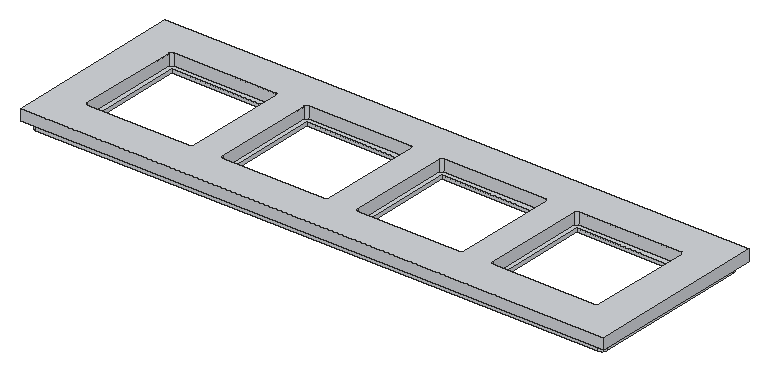
Revit family "Gira_0214223", category Electrical Fixtures, host Face, Revit 2017
Family settings
  Host = Face
  Maintain Annotation Orientation = No
  Round Connector Dimension = Use Diameter
  Part Type = Normal
  Cut with Voids When Loaded = No
  Shared = No
  Room Calculation Point = No
Parameters (values of type "Abdeckrahmen 4f Gira Esprit Lin.Mpx.Dklbraun")
  Werkstoffgüte = "sonstige"
  Werkstoff = "sonstige"
  URL = "http://katalog.gira.de/de_DE/datenblatt.html?artikelnr=0214223"
  Transparent = "No"
  Textfeld/Beschriftungsfläche = "No"
  Schutzart (IP) = "IP20"
  Region = "DE"
  Oberfläche = "sonstige"
  Name = "Abdeckrahmen 4f Gira Esprit Lin.Mpx.Dklbraun"
  Montagerichtung = "horizontal und vertikal"
  Mit Montagerahmen = "No"
  Mit Klappdeckel = "No"
  Manufacturer URL = "https://www.gira.de/"
  Keynote = "Espr._Rahmen_4fach"
  HeinzeBIM = "https://bimportal.heinze.de/bim/abdeckrahmen-4f-gira-esprit-lin-mpx-dklbraun/3e6a5bc4a8ef03e45f7e9c9c79c1d05b7ca99376"
  Halogenfrei = "No"
  HAN = "0214223"
  Geeignet für Unterputz-Installation = "Yes"
  Geeignet für Unterflurkanaldose = "No"
  Geeignet für Geräteeinbaukanal = "No"
  Geeignet für Einbauinstallation = "No"
  GTIN = "4010337015963"
  Farbe = "sonstige"
  Default Elevation = 1219.2 mm
  Data sheet (1) = "https://katalog.gira.de/de_DE/download.html?artikelnr=0214223"
  Category = "Abdeckrahmen"
  Befestigungsart = "Klemmbefestigung"
  Available = "Yes"
  Anzahl der Einheiten vertikal = "4 "
  Anzahl der Einheiten horizontal = "4 "
  Anzahl der Einheiten = "4 "
Reference planes
  plane 1 "Center (Front/Back)": y = 0
  plane 2: z = 0
  plane 3 "Center (Left/Right)": x = 0
Forms (mm)
  Extrusion 1, solid, detail levels fine
    sketch origin (0, 0, 0) x (1, 0, 0) y (0, 1, 0)
      loop
        line (-154, 47.5) -> (-154, -47.5) -> (154, -47.5) -> (154, 47.5) -> (-154, 47.5)
      loop
        arc (-135.25, -26.8) -> (-134.811, -27.861) -> (-133.75, -28.3) r 1.5
        line (-133.75, -28.3) -> (-80.15, -28.3)
        arc (-80.15, -28.3) -> (-79.089, -27.861) -> (-78.65, -26.8) r 1.5
        line (-78.65, -26.8) -> (-78.65, 26.8)
        arc (-78.65, 26.8) -> (-79.089, 27.861) -> (-80.15, 28.3) r 1.5
        line (-80.15, 28.3) -> (-133.75, 28.3)
        arc (-133.75, 28.3) -> (-134.811, 27.861) -> (-135.25, 26.8) r 1.5
        line (-135.25, 26.8) -> (-135.25, -26.8)
      loop
        arc (-63.95, -26.8) -> (-63.511, -27.861) -> (-62.45, -28.3) r 1.5
        line (-62.45, -28.3) -> (-8.85, -28.3)
        arc (-8.85, -28.3) -> (-7.789, -27.861) -> (-7.35, -26.8) r 1.5
        line (-7.35, -26.8) -> (-7.35, 26.8)
        arc (-7.35, 26.8) -> (-7.789, 27.861) -> (-8.85, 28.3) r 1.5
        line (-8.85, 28.3) -> (-62.45, 28.3)
        arc (-62.45, 28.3) -> (-63.511, 27.861) -> (-63.95, 26.8) r 1.5
        line (-63.95, 26.8) -> (-63.95, -26.8)
      loop
        arc (7.35, -26.8) -> (7.789, -27.861) -> (8.85, -28.3) r 1.5
        line (8.85, -28.3) -> (62.45, -28.3)
        arc (62.45, -28.3) -> (63.511, -27.861) -> (63.95, -26.8) r 1.5
        line (63.95, -26.8) -> (63.95, 26.8)
        arc (63.95, 26.8) -> (63.511, 27.861) -> (62.45, 28.3) r 1.5
        line (62.45, 28.3) -> (8.85, 28.3)
        arc (8.85, 28.3) -> (7.789, 27.861) -> (7.35, 26.8) r 1.5
        line (7.35, 26.8) -> (7.35, -26.8)
      loop
        arc (78.65, -26.8) -> (79.089, -27.861) -> (80.15, -28.3) r 1.5
        line (80.15, -28.3) -> (133.75, -28.3)
        arc (133.75, -28.3) -> (134.811, -27.861) -> (135.25, -26.8) r 1.5
        line (135.25, -26.8) -> (135.25, 26.8)
        arc (135.25, 26.8) -> (134.811, 27.861) -> (133.75, 28.3) r 1.5
        line (133.75, 28.3) -> (80.15, 28.3)
        arc (80.15, 28.3) -> (79.089, 27.861) -> (78.65, 26.8) r 1.5
        line (78.65, 26.8) -> (78.65, -26.8)
    from 0 to 6
  Extrusion 2, solid, detail levels fine
    sketch origin (0, 0, 0) x (1, 0, 0) y (0, 1, 0)
      loop
        line (-132.85, -25.7) -> (-81.05, -25.7) -> (-81.05, 25.7) -> (-132.85, 25.7) -> (-132.85, -25.7)
      loop
        line (61.55, 25.7) -> (9.75, 25.7) -> (9.75, -25.7) -> (61.55, -25.7) -> (61.55, 25.7)
      loop
        arc (-149.85, -41.4) -> (-149.323, -42.673) -> (-148.05, -43.2) r 1.8
        line (-148.05, -43.2) -> (148.05, -43.2)
        arc (148.05, -43.2) -> (149.323, -42.673) -> (149.85, -41.4) r 1.8
        line (149.85, -41.4) -> (149.85, 41.4)
        arc (149.85, 41.4) -> (149.323, 42.673) -> (148.05, 43.2) r 1.8
        line (148.05, 43.2) -> (-148.05, 43.2)
        arc (-148.05, 43.2) -> (-149.323, 42.673) -> (-149.85, 41.4) r 1.8
        line (-149.85, 41.4) -> (-149.85, -41.4)
      loop
        line (-9.75, 25.7) -> (-61.55, 25.7) -> (-61.55, -25.7) -> (-9.75, -25.7) -> (-9.75, 25.7)
      loop
        line (132.85, 25.7) -> (81.05, 25.7) -> (81.05, -25.7) -> (132.85, -25.7) -> (132.85, 25.7)
    from -1.9 to 0
  Extrusion 3, solid, detail levels fine
    sketch origin (0, 0, 0) x (1, 0, 0) y (0, 1, 0)
      loop
        arc (-148.05, 44.4) -> (-150.171, 43.521) -> (-151.05, 41.4) r 3
        line (-151.05, 41.4) -> (-151.05, -41.4)
        arc (-151.05, -41.4) -> (-150.171, -43.521) -> (-148.05, -44.4) r 3
        line (-148.05, -44.4) -> (148.05, -44.4)
        arc (148.05, -44.4) -> (150.171, -43.521) -> (151.05, -41.4) r 3
        line (151.05, -41.4) -> (151.05, 41.4)
        arc (151.05, 41.4) -> (150.171, 43.521) -> (148.05, 44.4) r 3
        line (148.05, 44.4) -> (-148.05, 44.4)
      loop
        arc (-149.85, -41.4) -> (-149.323, -42.673) -> (-148.05, -43.2) r 1.8
        line (-148.05, -43.2) -> (148.05, -43.2)
        arc (148.05, -43.2) -> (149.323, -42.673) -> (149.85, -41.4) r 1.8
        line (149.85, -41.4) -> (149.85, 41.4)
        arc (149.85, 41.4) -> (149.323, 42.673) -> (148.05, 43.2) r 1.8
        line (148.05, 43.2) -> (-148.05, 43.2)
        arc (-148.05, 43.2) -> (-149.323, 42.673) -> (-149.85, 41.4) r 1.8
        line (-149.85, 41.4) -> (-149.85, -41.4)
    from -3.7 to 0
  Extrusion 4, solid, detail levels medium
    sketch origin (0, 0, 0) x (1, 0, 0) y (0, 1, 0)
      loop
        line (-154, 47.5) -> (-154, -47.5) -> (154, -47.5) -> (154, 47.5) -> (-154, 47.5)
    from 0 to 6
  Extrusion 5, solid, detail levels medium
    sketch origin (0, 0, 0) x (1, 0, 0) y (0, 1, 0)
      loop
        line (-154, 44.4) -> (-154, -44.4) -> (154, -44.4) -> (154, 44.4) -> (-154, 44.4)
    from -3.7 to 0
  Extrusion 6, solid, detail levels coarse
    sketch origin (0, 0, 0) x (1, 0, 0) y (0, 1, 0)
      loop
        line (-154, 47.5) -> (-154, -47.5) -> (154, -47.5) -> (154, 47.5) -> (-154, 47.5)
    from -3.7 to 6
Dimensions and locks
  aligned and locked: plane 2 to host face
  aligned and locked: level to host face
